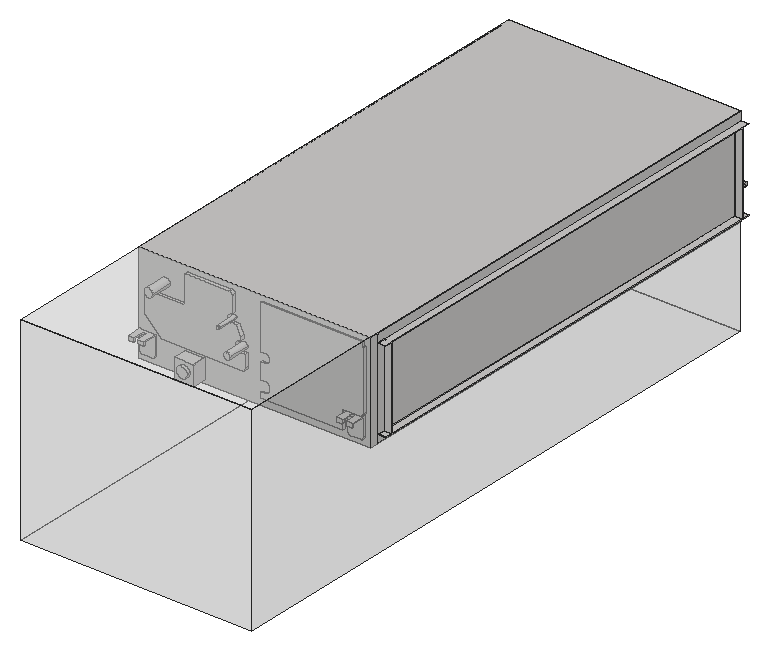
Revit family "outputfile", category 機械設備, Revit 2024
Family settings
  丸型コネクタ寸法 = 半径を使用
  パーツ タイプ = 標準
  OmniClass 番号 = 23.75.10.24.21.27.27
  OmniClass タイトル = Split System Air Conditioning Units
  作業面ベース = いいえ
  常に垂直 = はい
  ロード時にボイドで切り取り = いいえ
  注釈の向きを維持 = いいえ
  共有 = いいえ
  部屋計算ポイント = はい
Parameters (values of type "FXMQ200BFV24")
  Description = ""
  製造元 = "Daikin"
  書き出し IFC クラス(タイプ) = "IfcUnitaryEquipmentType"
  定義済み IFC タイプ(タイプ) = "AIRCONDITIONINGUNIT"
  Cost = 0
  モデル = "FXMQ200BFV24"
  Type Comments = ""
  Keynote = ""
  Type Image = (empty or 0)
  Assembly Code = ""
  w_dischargeflange = 1205.0 mm
  w_suctionflange = 1370.0 mm
  r_Liquid Pipe Size = Liquid Pipe Size / 2  # 4.75 mm
  r_Gas Pipe Size = Gas Pipe Size / 2  # 9.55 mm
  r_Drain Pipe Size = Drain Pipe Size / 2  # 12.5 mm
  lw_powersupply = 380.0 mm  # constant formula
  lw_mountinghole_pitch = 631.0 mm  # constant formula
  lw_mountinghole = 27.0 mm  # constant formula
  lw_maintenacesocket = 169.0 mm  # constant formula
  lw_liquidpipe = 290.0 mm  # constant formula
  lw_gaspipe = 318.0 mm  # constant formula
  lw_drainpipe = 80.0 mm  # constant formula
  lh_dischargeflange = 165.0 mm  # constant formula
  lh_powersupply = 56.0 mm  # constant formula
  lh_maintenacesocket = 40.0 mm  # constant formula
  lh_liquidpipe = 212.0 mm  # constant formula
  lh_gaspipe = 144.0 mm  # constant formula
  lh_drainpipe = 232.0 mm  # constant formula
  lh_suctionflange = 150.0 mm  # constant formula
  lh_antena = Height - lh_mountinghole + 1.0 mm  # 221.0 mm
  ld_dischargeflange = 635.0 mm
  ld_powersupply = Depth / 2  # 700.0 mm
  ld_mountinghole_pitch = 1438.0 mm
  ld_suctionflange = 713.0 mm
  h_dischargeflange = 265.0 mm  # constant formula
  lh_mountinghole = 80.0 mm  # constant formula
  h_mountinghole = [h***] + lh_mountinghole  # 80.0 mm
  h_suctionflange = 297.0 mm  # constant formula
  h*** = 0.0 mm  # constant formula
  d_dischargeflange = 25.0 mm  # constant formula
  d_pipe = 65.0 mm
  d_suctionflange = 25.0 mm  # constant formula
  Width = 700.0 mm
  Voltage_comment_50Hz = "220-240"
  Voltage_50Hz = 230 V
  Version = "ver.1.0"
  Unit Type = "Outdoor Air Processing Unit"
  Unit Mass Weight = 46.00 kg
  Unit Designation [instance] = ""
  Uniclass2015Version = "Products v1.30"
  Uniclass2015Title = "Variable refrigerant flow units"
  Uniclass2015Code = "Pr_70_65_03_94"
  URL = ""
  Total Cooling Capacity [instance] = 0.000 kW
  Supply Air Direction [instance] = yes
  Sound Pressure Level_M speed (dBA) = 35
  Sound Pressure Level_L speed (dBA) = 26
  Sound Pressure Level_H speed (dBA) = 42
  Sound Power Level_H speed (dB) = 0
  Series = "VRV Fan Coil Unit"
  Sensible Cooling Capacity [instance] = 0.000 kW
  SA Duct Size Width = 1160.0 mm
  SA Duct Size Height = 215.0 mm
  Refrigerant Type = "R410A"
  Power Input (Cooling) = 0.115 kW
  Phase_50Hz = 1
  Option Accessory 3 [instance] = ""
  Option Accessory 2 [instance] = ""
  Option Accessory 1 [instance] = ""
  OA Duct Size Width = 1325.0 mm
  OA Duct Size Height = 247.0 mm
  Nominal Cooling Capacity = 22.400 kW
  Minimum External Static Pressure = 50.00 Pa
  Minimum Circuit Amps_50Hz = 2.75 A
  Minimum Airflow = 870.00 m³/h
  Median Airflow = 1308.00 m³/h
  Maximum Fuse Amps_50Hz = 16.0 A
  Maximum External Static Pressure = 200.00 Pa
  Maximum Airflow = 1740.00 m³/h
  Material_Casing = DAIKIN_GalvanizedSteel_Casing_indoorunit
  Load Classification = HVAC
  Liquid Pipe Size = 9.5 mm
  Link_Nested Family [instance] = ""
  IfcVersion = "0"
  IfcExportType = "AIRCONDITIONINGUNIT"
  IfcExportAs = "IfcUnitaryEquipmentType"
  Height = 300.0 mm
  Heat Exchanger Type = "Cross Fin Coil"
  Gas Pipe Size = 19.1 mm
  Frequency_50Hz = 50 Hz
  Fan Type = "Sirocco Fan"
  Fan Drive = "Direct Drive"
  FCU Tag No. [instance] = ""
  Drain Pipe Size = 25.0 mm
  Design Supply Airflow [instance] = 0.00 m³/h
  Design Outdoor Airflow [instance] = 0.00 m³/h
  Design External Static Pressure [instance] = 0.00 Pa
  Depth = 1400.0 mm
  既定の高さ = 0.0 mm
  Cooling Entering Wet Bulb Temperature [instance] = 0.00 °C
  Cooling Entering Dry Bulb Temperature [instance] = 0.00 °C
  Cooling Ambient Wet Bulb Temperature [instance] = 0.00 °C
  Cooling Ambient Dry Bulb Temperature [instance] = 0.00 °C
  Clearance visibility [instance] = yes
  Clearance Top = 0.0 mm
  Clearance Right = 0.0 mm
  Clearance Rear = 0.0 mm
  Clearance Left = 0.0 mm
  Clearance Front = 450.0 mm
  Clearance Bottom = 300.0 mm
Reference planes
  plane 1 "Center (Front/Back)": y = 0
  plane 2: z = 0
  plane 3 "Center (Left/Right)": x = 0
  plane 4 "Back": y = 700
  plane 5 "Front": y = -700
  plane 6 "Left": x = -350
  plane 7 "Right": x = 350
  plane 8 "Top": z = 0
  plane 9 "Bottom": z = -300
  plane 10: y = 700
  plane 11: y = -1150
  plane 12: x = 350
  plane 13: x = -350
  plane 14: z = 0
  plane 15: z = -600
  plane 16: y = -706
  plane 17: y = -710
  plane 18: y = -741
  plane 19: y = -749
  plane 20: y = -765
  plane 21 "ld_drainpipe": x = -270
  plane 22 "ld_liquidpipe": x = -60
  plane 23 "ld_gaspipe": x = -32
  plane 24 "lh_gaspipe": z = -156
  plane 25 "lh_drainpipe": z = -68
  plane 26 "lh_liquidpipe": z = -88
  plane 27 "h_mountinghole": z = -220
  plane 28: x = -323
  plane 29: x = 308
  plane 30: y = 719
  plane 31: y = -719
  plane 32 "lh_powersuply": z = -244
  plane 33 "ld_powersupply": x = 30
  plane 34 "lh_suctionflange": z = -150
  plane 35 "ld_suctionflange": y = 13
  plane 36 "ld_dischargeflange": y = 65
  plane 37 "lh_dischargeflange": z = -135
  plane 38 "lh_maintenacesocket": z = -260
  plane 39 "lw_maintenacesocket": x = -181
Forms (mm)
  Extrusion 1, solid, material "DAIKIN_GalvanizedSteel_Casing_indoorunit" <- "Material_Casing"
    sketch origin (0, 0, 0) x (1, 0, 0) y (0, 0, 1)
      loop
        line (-350, 0) -> (-350, -300) -> (350, -300) -> (350, 0) -> (-350, 0)
    from -700 to 700
  Extrusion 2, solid, material "DAIKIN_GalvanizedSteel_Casing_indoorunit" <- "Material_Casing"
    sketch origin (0, 0, 0) x (1, 0, 0) y (0, 0, 1)
      loop
        line (23.104, -151.299) -> (41.1, -151.326)
        arc (41.1, -151.326) -> (46.767, -153.673) -> (49.114, -159.34) r 8.015
        line (49.114, -159.34) -> (49.104, -169.302)
        arc (49.104, -169.302) -> (46.761, -174.959) -> (41.104, -177.302) r 8
        line (41.104, -177.302) -> (23.104, -177.302) -> (23.104, -227.302) -> (41.104, -227.302)
        arc (41.104, -227.302) -> (46.761, -229.645) -> (49.104, -235.302) r 8
        line (49.104, -235.302) -> (49.104, -251.302)
        arc (49.104, -251.302) -> (46.761, -256.959) -> (41.104, -259.302) r 8
        line (41.104, -259.302) -> (23.104, -259.302) -> (23.104, -274.802) -> (271.104, -274.802) -> (271.104, -224.802)
        arc (271.104, -224.802) -> (272.568, -221.266) -> (276.104, -219.802) r 5
        line (276.104, -219.802) -> (327.104, -219.802)
        spline (327.104, -219.802) -> (327.496, -219.776) -> (327.88, -219.7) -> (328.252, -219.574) -> (328.604, -219.4) -> (328.93, -219.182) -> (329.225, -218.923) -> (329.484, -218.628) -> (329.702, -218.302) -> (329.876, -217.95) -> (330.002, -217.578) -> (330.078, -217.194) -> (330.104, -216.802)
        line (330.104, -216.802) -> (330.104, -213) -> (332, -213)
        arc (332, -213) -> (334.121, -212.121) -> (335, -210) r 3
        line (335, -210) -> (335, -32)
        arc (335, -32) -> (334.121, -29.879) -> (332, -29) r 3
        line (332, -29) -> (330.104, -29) -> (330.104, -15.8) -> (23.104, -15.8) -> (23.104, -151.299)
    from 700 to 706
  Extrusion 3, solid, material "DAIKIN_GalvanizedSteel_Casing_indoorunit" <- "Material_Casing"
    sketch origin (0, 0, 0) x (1, 0, 0) y (0, 0, 1)
      loop
        line (-70, -15.8) -> (-201, -15.8)
        arc (-201, -15.8) -> (-203.121, -16.679) -> (-204, -18.8) r 3
        line (-204, -18.8) -> (-204, -102) -> (-321, -102)
        arc (-321, -102) -> (-323.121, -102.879) -> (-324, -105) r 3
        line (-324, -105) -> (-324, -167.757)
        arc (-324, -167.757) -> (-323.772, -168.905) -> (-323.121, -169.879) r 3
        line (-323.121, -169.879) -> (-274.879, -218.121)
        arc (-274.879, -218.121) -> (-273.905, -218.772) -> (-272.757, -219) r 3
        line (-272.757, -219) -> (-30, -219)
        arc (-30, -219) -> (-22.929, -216.071) -> (-20, -209) r 10
        line (-20, -209) -> (-20, -172.5) -> (-26.169, -172.5)
        arc (-26.169, -172.5) -> (-49.051, -159.94) -> (-34, -138.615) r 17.5
        line (-34, -138.615) -> (-34, -127.5) -> (-47, -100.5) -> (-56.429, -100.5)
        arc (-56.429, -100.5) -> (-72.874, -89.803) -> (-60, -75) r 13
        line (-60, -75) -> (-60, -25.8)
        arc (-60, -25.8) -> (-62.929, -18.729) -> (-70, -15.8) r 10
    from 710 to 700
  Extrusion 4, solid, material "DAIKIN_GalvanizedSteel_Casing_indoorunit" <- "Material_Casing"
    sketch origin (0, 0, 0) x (1, 0, 0) y (0, 0, 1)
      loop
        line (-209.102, -232.7) -> (-209.102, -292.398) -> (-152.898, -292.398) -> (-152.898, -232.7)
        arc (-152.898, -232.7) -> (-153.133, -232.133) -> (-153.7, -231.898) r 0.802
        line (-153.7, -231.898) -> (-208.298, -231.898)
        arc (-208.298, -231.898) -> (-208.865, -232.133) -> (-209.102, -232.7) r 0.802
    from 700 to 741
  Extrusion 5, solid, material "DAIKIN_GalvanizedSteel_Casing_indoorunit" <- "Material_Casing"
    sketch origin (0, 0, 0) x (1, 0, 0) y (0, 0, 1)
      loop
        circle (-181, -260) r 16.5
    from 741 to 749
  Extrusion 6, solid, material "DAIKIN_GalvanizedSteel_Casing_indoorunit" <- "Material_Casing"
    sketch origin (0, 0, 0) x (1, 0, 0) y (0, 0, 1)
      loop
        circle (-270, -68) r 12.5
      loop
        circle (-60, -88) r 4.75
      loop
        circle (-32, -156) r 9.55
    from 700 to 765
Dimensions and locks
  "Height": plane 8 "Top" to plane 9 "Bottom"
  equal spacing: plane 6 "Left", plane 3 "Center (Left/Right)", plane 7 "Right", locked at 350 each
  "Width": plane 6 "Left" to plane 7 "Right"
  equal spacing: plane 4 "Back", plane 1 "Center (Front/Back)", plane 5 "Front"
  "Depth": plane 4 "Back" to plane 5 "Front"
  "Clearance Left": plane 13 to plane 6 "Left"
  "Clearance Right": plane 7 "Right" to plane 12
  "Clearance Rear": plane 10 to plane 4 "Back"
  "Clearance Front": plane 5 "Front" to plane 11
  "Clearance Top": plane 14 to plane 8 "Top"
  "Clearance Bottom": plane 9 "Bottom" to plane 15
  Extrusion 2 sketch curve to Extrusion 2 sketch curve to Extrusion 2 sketch curve = 307.0 mm locked, 4.896 mm locked
  Extrusion 2 sketch curve to Extrusion 2 sketch curve to Extrusion 2 sketch curve to Extrusion 2 sketch curve to Extrusion 2 sketch curve = 26.0 mm locked, 222.0 mm locked, 59.0 mm locked, 4.896 mm locked
  locked: Extrusion 2 sketch curve to Extrusion 2 sketch curve at 26.01
  locked: Extrusion 2 sketch curve to nested 1 at 23.104
  locked: Extrusion 2 sketch curve to plane 3 "Center (Left/Right)" at 23.104
  plane 3 "Center (Left/Right)" to Extrusion 2 sketch curve = 23.104 mm
  Extrusion 2 sketch curve to Extrusion 2 sketch curve to Extrusion 2 sketch curve to Extrusion 2 sketch curve to Extrusion 2 sketch curve = 161.502 mm locked, 50.0 mm locked, 32.0 mm locked, 15.5 mm locked
  locked: Extrusion 2 sketch curve to Extrusion 2 sketch curve at 68.127
  locked: Extrusion 2 sketch curve to Extrusion 2 sketch curve at 13.2
  locked: Extrusion 2 sketch curve to Extrusion 2 sketch curve at 6.802
  locked: Extrusion 2 sketch curve to Extrusion 2 sketch curve at 55
  locked: plane 5 "Front" to plane 16 at 6
  locked: plane 5 "Front" to plane 17 at 10
  locked: plane 5 "Front" to plane 18 at 41
  "d_pipe": plane 5 "Front" to plane 20
  "lw_drainpipe": plane 6 "Left" to plane 21 "ld_drainpipe"
  "lw_liquidpipe": plane 6 "Left" to plane 22 "ld_liquidpipe"
  "lw_gaspipe": plane 6 "Left" to plane 23 "ld_gaspipe"
  "lh_gaspipe": plane 24 "lh_gaspipe" to plane 9 "Bottom"
  "lh_liquidpipe": plane 26 "lh_liquidpipe" to plane 9 "Bottom"
  "lh_drainpipe": plane 25 "lh_drainpipe" to plane 9 "Bottom"
  "lh_mountinghole": plane 27 "h_mountinghole" to plane 9 "Bottom"
  "lw_mountinghole": plane 6 "Left" to plane 28
  "lw_mountinghole_pitch": plane 28 to plane 29
  equal spacing: plane 30, plane 1 "Center (Front/Back)", plane 31
  "ld_mountinghole_pitch": plane 30 to plane 31
  locked: Extrusion 3 sketch curve to plane 6 "Left" at 146
  locked: Extrusion 3 sketch curve to plane 6 "Left" at 290
  locked: plane 6 "Left" to Extrusion 3 sketch curve at 26
  locked: Extrusion 3 sketch curve to plane 6 "Left" at 316
  locked: Extrusion 3 sketch curve to plane 6 "Left" at 330
  locked: Extrusion 3 sketch curve to plane 9 "Bottom" at 81
  locked: Extrusion 3 sketch curve to plane 9 "Bottom" at 284.2
  locked: Extrusion 3 sketch curve to plane 9 "Bottom" at 199.5
  locked: Extrusion 3 sketch curve to plane 9 "Bottom" at 127.5
  locked: Extrusion 3 sketch curve to plane 9 "Bottom" at 198
  "lh_powersupply": plane 32 "lh_powersuply" to plane 9 "Bottom"
  "lw_powersupply": plane 6 "Left" to plane 33 "ld_powersupply"
  "lh_suctionflange": plane 34 "lh_suctionflange" to plane 9 "Bottom"
  "ld_suctionflange": plane 35 "ld_suctionflange" to plane 5 "Front"
  "ld_dischargeflange": plane 4 "Back" to plane 36 "ld_dischargeflange"
  "lh_dischargeflange": plane 37 "lh_dischargeflange" to plane 9 "Bottom"
  locked: plane 5 "Front" to plane 19 at 49
  "lh_maintenacesocket": plane 38 "lh_maintenacesocket" to plane 9 "Bottom"
  "lw_maintenacesocket": plane 6 "Left" to plane 39 "lw_maintenacesocket"
  equal spacing: Extrusion 4 sketch curve, plane 39 "lw_maintenacesocket", Extrusion 4 sketch curve
  locked: Extrusion 4 sketch curve to Extrusion 4 sketch curve at 56.204
  Extrusion 4 sketch curve to plane 38 "lh_maintenacesocket" to Extrusion 4 sketch curve = 28.102 mm locked, 32.398 mm locked
  "r_Drain Pipe Size": radius of Extrusion 6 sketch curve
  "r_Liquid Pipe Size": radius of Extrusion 6 sketch curve
  "r_Gas Pipe Size": radius of Extrusion 6 sketch curve
  aligned and locked: level to plane 2
  aligned and locked: Extrusion 1 sketch curve to plane 8 "Top"
  aligned and locked: plane 6 "Left" to Extrusion 1 sketch curve
  aligned and locked: plane 9 "Bottom" to Extrusion 1 sketch curve
  aligned and locked: Extrusion 1 sketch curve to plane 7 "Right"
  aligned and locked: plane 4 "Back" to Extrusion 1
  aligned and locked: Extrusion 1 to plane 5 "Front"
  aligned and locked: plane 10 to nested 1
  aligned and locked: plane 11 to nested 1
  aligned and locked: plane 12 to nested 1
  aligned and locked: nested 1 to plane 13
  aligned and locked: plane 15 to nested 1
  aligned and locked: plane 14 to nested 1
  aligned and locked: Extrusion 2 to plane 16
  aligned and locked: plane 5 "Front" to Extrusion 2
  aligned and locked: Extrusion 4 to plane 18
  aligned and locked: plane 5 "Front" to Extrusion 4
  aligned and locked: Extrusion 5 to plane 19
  aligned and locked: plane 18 to Extrusion 5
  aligned and locked: plane 25 "lh_drainpipe" to Extrusion 6 sketch curve
  aligned and locked: plane 21 "ld_drainpipe" to Extrusion 6 sketch curve
  aligned and locked: plane 26 "lh_liquidpipe" to Extrusion 6 sketch curve
  aligned and locked: plane 22 "ld_liquidpipe" to Extrusion 6 sketch curve
  aligned and locked: plane 23 "ld_gaspipe" to Extrusion 6 sketch curve
  aligned and locked: plane 24 "lh_gaspipe" to Extrusion 6 sketch curve
  aligned and locked: Extrusion 6 to plane 20
  aligned and locked: plane 5 "Front" to Extrusion 6
  aligned and locked: nested 2 to plane 5 "Front"
  aligned and locked: nested 2 to plane 21 "ld_drainpipe"
  aligned and locked: plane 25 "lh_drainpipe" to nested 2
  aligned and locked: nested 3 to plane 5 "Front"
  aligned and locked: nested 4 to plane 5 "Front"
  aligned and locked: plane 26 "lh_liquidpipe" to nested 3
  aligned and locked: plane 24 "lh_gaspipe" to nested 4
  aligned and locked: plane 29 to nested 5
  aligned and locked: plane 4 "Back" to nested 5
  aligned and locked: plane 27 "h_mountinghole" to nested 5
  aligned and locked: plane 28 to nested 6
  aligned and locked: plane 4 "Back" to nested 6
  aligned and locked: plane 27 "h_mountinghole" to nested 6
  aligned and locked: nested 7 to plane 29
  aligned and locked: plane 5 "Front" to nested 7
  aligned and locked: plane 5 "Front" to nested 8
  aligned and locked: nested 8 to plane 28
  aligned and locked: nested 7 to plane 27 "h_mountinghole"
  aligned and locked: nested 8 to plane 27 "h_mountinghole"
  aligned and locked: Extrusion 3 to plane 17
  aligned and locked: plane 5 "Front" to Extrusion 3
  aligned and locked: nested 11 to plane 28
  aligned and locked: nested 11 to plane 30
  aligned and locked: nested 12 to plane 29
  aligned and locked: nested 12 to plane 30
  aligned and locked: nested 9 to plane 29
  aligned and locked: plane 31 to nested 9
  aligned and locked: nested 10 to plane 28
  aligned and locked: plane 31 to nested 10
  aligned and locked: nested 13 to plane 32 "lh_powersuply"
  aligned and locked: plane 1 "Center (Front/Back)" to nested 14
  aligned and locked: nested 14 to plane 3 "Center (Left/Right)"
  aligned and locked: plane 34 "lh_suctionflange" to nested 15
  aligned and locked: plane 7 "Right" to nested 15
  aligned and locked: plane 35 "ld_suctionflange" to nested 15
  aligned and locked: nested 16 to plane 36 "ld_dischargeflange"
  aligned and locked: nested 16 to plane 6 "Left"
  aligned and locked: plane 37 "lh_dischargeflange" to nested 16
  aligned and locked: nested 17 to plane 6 "Left"
  aligned and locked: nested 17 to plane 36 "ld_dischargeflange"
  aligned and locked: plane 7 "Right" to nested 18
  aligned and locked: plane 35 "ld_suctionflange" to nested 18
  aligned and locked: nested 18 to plane 34 "lh_suctionflange"
  aligned and locked: nested 17 to plane 37 "lh_dischargeflange"
  aligned and locked: plane 38 "lh_maintenacesocket" to Extrusion 5 sketch curve
  aligned and locked: plane 39 "lw_maintenacesocket" to Extrusion 5 sketch curve
  aligned and locked: nested 3 to plane 22 "ld_liquidpipe"
  aligned and locked: nested 4 to plane 23 "ld_gaspipe"
  aligned and locked: nested 13 to plane 33 "ld_powersupply"
  aligned and locked: level to plane 8 "Top"
Automatic sketch dimensions
  Extrusion 2 sketch curve to Extrusion 2 sketch curve = 0.027 mm
  Extrusion 2 sketch curve to Extrusion 2 sketch curve = 8.015 mm
  Extrusion 2 sketch curve to Extrusion 2 sketch curve = 8.01 mm
  Extrusion 2 sketch curve to Extrusion 2 sketch curve = 0.0 mm  (x4)
  Extrusion 2 sketch curve to Extrusion 2 sketch curve = 8.0 mm  (x3)
  Extrusion 2 sketch curve to Extrusion 2 sketch curve = 5.0 mm
  Extrusion 2 sketch curve to Extrusion 2 sketch curve = 3.0 mm  (x2)
  Extrusion 2 sketch curve to Extrusion 2 sketch curve = 1.896 mm  (x2)
  Extrusion 2 sketch curve to plane 8 "Top" = 15.8 mm
  Extrusion 4 sketch curve to Extrusion 4 sketch curve = 0.804 mm
  Extrusion 4 sketch curve to Extrusion 4 sketch curve = 0.802 mm  (x2)
  Extrusion 4 sketch curve to Extrusion 4 sketch curve = 0.0 mm
  plane 23 "ld_gaspipe" to Extrusion 3 sketch curve = 0.0 mm
  Extrusion 3 sketch curve to plane 24 "lh_gaspipe" = 0.0 mm
  Extrusion 3 sketch curve to plane 26 "lh_liquidpipe" = 0.0 mm
  plane 28 to Extrusion 3 sketch curve = 0.121 mm
  Extrusion 3 sketch curve to plane 28 = 2.0 mm  (x2)
  plane 21 "ld_drainpipe" to Extrusion 3 sketch curve = 4.879 mm
  plane 21 "ld_drainpipe" to Extrusion 3 sketch curve = 2.757 mm
  Extrusion 3 sketch curve to Extrusion 3 sketch curve = 3.0 mm  (x2)
  plane 22 "ld_liquidpipe" to Extrusion 3 sketch curve = 10.0 mm
  Extrusion 3 sketch curve to plane 22 "ld_liquidpipe" = 3.571 mm
  Extrusion 3 sketch curve to Extrusion 3 sketch curve = 9.429 mm
  Extrusion 3 sketch curve to plane 23 "ld_gaspipe" = 2.0 mm
  Extrusion 3 sketch curve to plane 23 "ld_gaspipe" = 5.831 mm
  Extrusion 3 sketch curve to plane 24 "lh_gaspipe" = 11.757 mm
  Extrusion 3 sketch curve to Extrusion 3 sketch curve = 11.115 mm
  radius of Extrusion 5 sketch curve = 16.5 mm
Nested families
  nested 1: "daikin_clearancespace" at (0, -225, -299.881), visible <- "Clearance visibility", show <- "Clearance visibility", Link_Nested Family <- "Link_Nested Family", type "daikin_clearancespace"
    with width 700.0 mm, show yes, height 600.0 mm, depth 1850.0 mm, Link_Nested Family ""
  nested 2: "daikin_connector_rotate2" at (-270, -700, -68), length <- "d_pipe", radius <- "r_Drain Pipe Size", type "daikin_connector_rotate2"
    with radius 12.5 mm, length 65.0 mm, angle_vertical 90.00°, show_face no
  nested 3: "daikin_connector_rotate2" at (-60, -700, -88), length <- "d_pipe", radius <- "r_Liquid Pipe Size", type "daikin_connector_rotate2"
    with radius 4.75 mm, length 65.0 mm, angle_vertical 90.00°, show_face no
  nested 4: "daikin_connector_rotate2" at (-32, -700, -156), length <- "d_pipe", radius <- "r_Gas Pipe Size", type "daikin_connector_rotate2"
    with radius 9.55 mm, length 65.0 mm, angle_vertical 90.00°, show_face no
  nested 5: "daikin_hangerfixture_FXMQ-BFV24" at (308, 700, -220) x (-1, 0, 0) z (0, 0, 1), type "daikin_hangerfixture_FXMQ-BFV24"
  nested 6: "daikin_hangerfixture_FXMQ-BFV24" at (-323, 700, -220) x (-1, 0, 0) z (0, 0, 1), type "daikin_hangerfixture_FXMQ-BFV24"
  nested 7: "daikin_hangerfixture_FXMQ-BFV24" at (308, -700, -220) x (-1, 0, 0) z (0, 0, 1), type "daikin_hangerfixture_FXMQ-BFV24"
  nested 8: "daikin_hangerfixture_FXMQ-BFV24" at (-323, -700, -220) x (-1, 0, 0) z (0, 0, 1), type "daikin_hangerfixture_FXMQ-BFV24"
  nested 9: "daikin_mountinghole" at (308, -719, -300), Link_Nested Family <- "Link_Nested Family", l_antenna <- "lh_antena", h_mountinghole <- "h_mountinghole", type "daikin_mountinghole"
    with show yes, l_antenna 221.0 mm, h_mountinghole 80.0 mm, Link_Nested Family ""
  nested 10: "daikin_mountinghole" at (-323, -719, -300), Link_Nested Family <- "Link_Nested Family", l_antenna <- "lh_antena", h_mountinghole <- "h_mountinghole", type "daikin_mountinghole"
    with show yes, l_antenna 221.0 mm, h_mountinghole 80.0 mm, Link_Nested Family ""
  nested 11: "daikin_mountinghole" at (-323, 719, -300), Link_Nested Family <- "Link_Nested Family", l_antenna <- "lh_antena", h_mountinghole <- "h_mountinghole", type "daikin_mountinghole"
    with show yes, l_antenna 221.0 mm, h_mountinghole 80.0 mm, Link_Nested Family ""
  nested 12: "daikin_mountinghole" at (308, 719, -300), Link_Nested Family <- "Link_Nested Family", l_antenna <- "lh_antena", h_mountinghole <- "h_mountinghole", type "daikin_mountinghole"
    with show yes, l_antenna 221.0 mm, h_mountinghole 80.0 mm, Link_Nested Family ""
  nested 13: "daikin_connector_rotate2" at (30, 0, -244), length <- "ld_powersupply", type "daikin_connector_rotate2"
    with radius 10.0 mm, length 700.0 mm, angle_vertical 90.00°, show_face no
  nested 14: "daikin_△_symbolicline" at (0, 0, 300) x (0, -1, 0) z (0, 0, 1), visible <- "Supply Air Direction", built-in parameter 1001364 <- "Height", type "daikin_△_symbolicline"
    with length 300.0 mm
  nested 15: "daikin_ductflange_FXMQ-BFV24" at (350, 13, -298.5) x (0, 1, 0) z (0, 0, 1), depth <- "d_suctionflange", height <- "h_suctionflange", width <- "w_suctionflange", material <- "Material_Casing", type "daikin_ductflange_FXMQ-BFV24"
    with width 1370.0 mm, top1 25.0 mm, right1 22.5 mm, material DAIKIN_GalvanizedSteel_Casing_indoorunit, left1 22.5 mm, height 297.0 mm, depth 25.0 mm, Bottom1 25.0 mm
  nested 16: "daikin_ductflange_FXMQ-BFV24" at (-350, 65, -267.5) x (0, -1, 0) z (0, 0, 1), material <- "Material_Casing", depth <- "d_dischargeflange", height <- "h_dischargeflange", width <- "w_dischargeflange", type "daikin_ductflange_FXMQ-BFV24"
    with width 1205.0 mm, top1 25.0 mm, right1 22.5 mm, material DAIKIN_GalvanizedSteel_Casing_indoorunit, left1 22.5 mm, height 265.0 mm, depth 25.0 mm, Bottom1 25.0 mm
  nested 17: "daikin_connector_rotate2" at (-350, 65, -135) x (0, -1, 0) z (0, 0, 1), length <- "d_dischargeflange", type "daikin_connector_rotate2"
    with radius 10.0 mm, length 25.0 mm, angle_vertical 90.00°, show_face no
  nested 18: "daikin_connector_rotate2" at (350, 13, -150) x (0, 1, 0) z (0, 0, 1), length <- "d_suctionflange", type "daikin_connector_rotate2"
    with radius 10.0 mm, length 25.0 mm, angle_vertical 90.00°, show_face no
Connectors
  piping at (-270, -765, -68), diameter 25, driven by "r_Drain Pipe Size"
    settings: on nested 2, index 1, connector inside diameter 609.6 mm, connector length 0.0 mm, flow factor 0, pipe flow 0.00 m³/h, pressure drop 0.0 Pa, fitting loss kfactor 0, connector angle 0.00°, fixture units 0, engagement length 0.0 mm, angle of deflection 0.00°, flow configuration 1, flow direction 2, fitting loss method 4, system type 16, joint type 0, gender type 0, connector reference index -1, connector utility 0, adjustable connector no, is connector primary yes, connector description "Condensate Drain Piping"
  piping at (-60, -765, -88), diameter 9.5, driven by "r_Liquid Pipe Size"
    settings: on nested 3, index 2, connector inside diameter 609.6 mm, connector length 0.0 mm, flow factor 0, pipe flow 0.00 m³/h, pressure drop 0.0 Pa, fitting loss kfactor 0, connector angle 0.00°, fixture units 0, engagement length 0.0 mm, angle of deflection 0.00°, flow configuration 1, flow direction 1, fitting loss method 0, system type 29, joint type 0, gender type 0, connector reference index -1, connector utility 0, adjustable connector no, is connector primary no, connector description "Refrigerant Liquid Piping"
  piping at (-32, -765, -156), diameter 19.1, driven by "r_Gas Pipe Size"
    settings: on nested 4, index 3, connector inside diameter 609.6 mm, connector length 0.0 mm, flow factor 0, pipe flow 0.00 m³/h, pressure drop 0.0 Pa, fitting loss kfactor 0, connector angle 0.00°, fixture units 0, engagement length 0.0 mm, angle of deflection 0.00°, flow configuration 1, flow direction 2, fitting loss method 0, system type 29, joint type 0, gender type 0, connector reference index -1, connector utility 0, adjustable connector no, is connector primary no, connector description "Refrigerant Gas Piping"
  electrical at (30, -700, -244), driven by "Load Classification"
    settings: on nested 13, index 4, voltage 0 V, apparent load 0 VA, apparent load phase1 0 VA, apparent load phase2 0 VA, apparent load phase3 0 VA, power factor 1, load classification "HVAC", number of poles 1, system type 30, power factor state 1, is connector primary yes, connector utility no, sub classification motor no, connector description "Power Supply"
  hvac at (375, 13, -150), driven by "OA Duct Size Height", driven by "OA Duct Size Width"
    settings: on nested 15, index 5, duct flow 0.00 m³/h, flow factor 0, pres drop 0.00 Pa, loss coef 0, conn angle 0.00°, conn width 1325.0 mm, conn height 247.0 mm, conn diameter 609.6 mm, duct sys type 1, conn prof type 1, flow config 0, flow direction 1, loss method 4, conn ref index -1, conn util no, is conn primary no, conn desc "OA Duct"
  hvac at (-375, 65, -135), driven by "SA Duct Size Height", driven by "SA Duct Size Width"
    settings: on nested 16, index 6, duct flow 0.00 m³/h, flow factor 0, pres drop 0.00 Pa, loss coef 0, conn angle 0.00°, conn width 1160.0 mm, conn height 215.0 mm, conn diameter 609.6 mm, duct sys type 1, conn prof type 1, flow config 0, flow direction 2, loss method 4, conn ref index -1, conn util no, is conn primary yes, conn desc "SA Duct"
Definition of nested family "daikin_clearancespace"
  Parameters (values of type "daikin_clearancespace")
    width [instance] = 1823.963 mm
    show [instance] = yes
    material = none
    height [instance] = 1359.762 mm
    depth [instance] = 880.0 mm
    Default Elevation = 0.0 mm
    Link_Nested Family [instance] = ""
  Reference planes
    plane 1 "Center (Front/Back)": y = 0
    plane 2 "Center (Elevation)": z = -0.119
    plane 3 "Center (Left/Right)": x = 0
    plane 4: y = 440
    plane 5: y = -440
    plane 6 "Right": x = 911.982
    plane 7 "Left": x = -911.982
    plane 8 "Top": z = 679.762
    plane 9 "Bottom": z = -680
  Forms (mm)
    Extrusion 1, solid, material <- "material", visible <- "show"
      sketch origin (0, 0, 0) x (1, 0, 0) y (0, 1, 0)
        loop
          line (-911.982, 440) -> (-911.982, -440) -> (911.982, -440) -> (911.982, 440) -> (-911.982, 440)
      from -680 to 679.762
  Lines and regions (mm)
    symbolic lines, visible <- "show"
      curve 1: line (911.982, 440, 0) -> (-911.982, 440, 0)
      curve 2: line (-911.982, 440, 0) -> (-911.982, -440, 0)
      curve 3: line (-911.982, -440, 0) -> (911.982, -440, 0)
      curve 4: line (911.982, -440, 0) -> (911.982, 440, 0)
      curve 5: line (911.982, 0, 679.762) -> (-911.982, 0, 679.762)
      curve 6: line (911.982, 0, -680) -> (911.982, 0, 679.762)
      curve 7: line (-911.982, 0, -680) -> (911.982, 0, -680)
      curve 8: line (-911.982, 0, 679.762) -> (-911.982, 0, -680)
      curve 9: line (0, 440, 679.762) -> (0, -440, 679.762)
      curve 10: line (0, -440, 679.762) -> (0, -440, -680)
      curve 11: line (0, 440, -680) -> (0, 440, 679.762)
      curve 12: line (0, -440, -680) -> (0, 440, -680)
  Dimensions and locks
    "width": plane 7 "Left" to plane 6 "Right"
    "depth": plane 4 to plane 5
    "height": plane 8 "Top" to plane 9 "Bottom"
    equal spacing: plane 7 "Left", plane 3 "Center (Left/Right)", plane 6 "Right"
    equal spacing: plane 4, plane 1 "Center (Front/Back)", plane 5
    equal spacing: plane 8 "Top", plane 2 "Center (Elevation)", plane 9 "Bottom"
    aligned and locked: level to plane 2 "Center (Elevation)"
    aligned and locked: Extrusion 1 sketch curve to plane 4
    aligned and locked: plane 7 "Left" to Extrusion 1 sketch curve
    aligned and locked: Extrusion 1 sketch curve to plane 5
    aligned and locked: Extrusion 1 sketch curve to plane 6 "Right"
    aligned and locked: plane 8 "Top" to Extrusion 1
    aligned and locked: curve 1 to Extrusion 1
    aligned and locked: curve 2 to Extrusion 1
    aligned and locked: curve 3 to Extrusion 1
    aligned and locked: curve 4 to Extrusion 1
    aligned and locked: curve 5 to Extrusion 1
    aligned and locked: curve 6 to Extrusion 1
    aligned and locked: curve 7 to Extrusion 1
    aligned and locked: curve 8 to Extrusion 1
    aligned and locked: curve 9 to Extrusion 1
    aligned and locked: curve 10 to Extrusion 1
    aligned and locked: curve 11 to Extrusion 1
    aligned and locked: curve 12 to Extrusion 1
    aligned and locked: Extrusion 1 to plane 9 "Bottom"
Definition of nested family "daikin_hangerfixture_FXMQ-BFV24"
  Parameters (values of type "daikin_hangerfixture_CeilingMountedDuct")
    width = 48.0 mm
    material = none
    height = 65.0 mm
    depth = 45.0 mm
    Default Elevation = 0.0 mm
  Reference planes
    plane 1 "Center (Front/Back)": y = 0
    plane 2: z = 0
    plane 3 "Center (Left/Right)": x = 0
    plane 4: y = 417.146
    plane 5: y = -45
    plane 6: x = -24
    plane 7: x = 24
    plane 8: z = -2.3
    plane 9: z = -65
    plane 10: y = -2.3
    plane 11: z = -12
    plane 12: y = -42.7
  Forms (mm)
    Extrusion 1, solid, material <- "material"
      sketch origin (0, 0, 0) x (1, 0, 0) y (0, 1, 0)
        loop
          line (24, 0) -> (-24, 0) -> (-24, -45) -> (-6, -45) -> (-6, -19)
          arc (-6, -19) -> (0, -13) -> (6, -19) r 6
          line (6, -19) -> (6, -45) -> (24, -45) -> (24, 0)
      from 0 to -2.3
    Extrusion 2, solid, material <- "material"
      sketch origin (0, 0, 0) x (1, 0, 0) y (0, 0, 1)
        loop
          line (24, -55) -> (24, 0) -> (-24, 0) -> (-24, -55)
          arc (-24, -55) -> (-21.071, -62.071) -> (-14, -65) r 10
          line (-14, -65) -> (14, -65)
          arc (14, -65) -> (21.071, -62.071) -> (24, -55) r 10
      from 0 to 2.3
    Extrusion 3, solid, material <- "material"
      sketch origin (0, 0, 0) x (1, 0, 0) y (0, 0, 1)
        loop
          line (-6, -9) -> (-6, 0) -> (-24, 0) -> (-24, -9)
          arc (-24, -9) -> (-23.121, -11.121) -> (-21, -12) r 3
          line (-21, -12) -> (-9, -12)
          arc (-9, -12) -> (-6.879, -11.121) -> (-6, -9) r 3
        loop
          line (6, 0) -> (6, -9)
          arc (6, -9) -> (6.879, -11.121) -> (9, -12) r 3
          line (9, -12) -> (21, -12)
          arc (21, -12) -> (23.121, -11.121) -> (24, -9) r 3
          line (24, -9) -> (24, 0) -> (6, 0)
      from 42.7 to 45
  Cuts and joins
    joined: Extrusion 1, Extrusion 2, Extrusion 3
  Dimensions and locks
    "width": plane 6 to plane 7
    "depth": plane 5 to plane 1 "Center (Front/Back)"
    plane 2 to plane 8 = 2.3 mm
    "height": plane 2 to plane 9
    locked: plane 10 to plane 1 "Center (Front/Back)" at 2.3
    locked: plane 2 to plane 11 at 12
    locked: plane 12 to plane 5 at 2.3
    aligned and locked: level to plane 2
    aligned and locked: Extrusion 1 sketch curve to plane 1 "Center (Front/Back)"
    aligned and locked: plane 7 to Extrusion 1
    aligned and locked: Extrusion 1 to plane 6
    aligned and locked: Extrusion 1 to plane 5  (x2)
    aligned and locked: Extrusion 1 to plane 8
    aligned and locked: plane 2 to Extrusion 1
    aligned and locked: plane 2 to Extrusion 2 sketch curve
    aligned and locked: Extrusion 2 to plane 9
    aligned and locked: Extrusion 2 to plane 10
    aligned and locked: Extrusion 2 to plane 1 "Center (Front/Back)"
    aligned and locked: plane 2 to Extrusion 3 sketch curve  (x2)
    aligned and locked: Extrusion 3 to plane 11  (x2)
    aligned and locked: plane 12 to Extrusion 3
    aligned and locked: Extrusion 3 to plane 5
  Automatic sketch dimensions
    Extrusion 1 sketch curve to plane 6 = 0.0 mm
    Extrusion 1 sketch curve to plane 5 = 0.0 mm  (x2)
    Extrusion 1 sketch curve to plane 3 "Center (Left/Right)" = 0.0 mm
    Extrusion 1 sketch curve to plane 7 = 0.0 mm
    Extrusion 1 sketch curve to plane 3 "Center (Left/Right)" = 6.0 mm
    plane 1 "Center (Front/Back)" to Extrusion 1 sketch curve = 19.0 mm
    Extrusion 2 sketch curve to plane 7 = 0.0 mm
    Extrusion 2 sketch curve to plane 7 = 10.0 mm
    Extrusion 2 sketch curve to plane 8 = 52.7 mm
    plane 6 to Extrusion 2 sketch curve = 10.0 mm
    Extrusion 2 sketch curve to plane 6 = 0.0 mm
    Extrusion 3 sketch curve to plane 6 = 0.0 mm
    Extrusion 3 sketch curve to plane 7 = 0.0 mm
    Extrusion 3 sketch curve to Extrusion 3 sketch curve = 3.0 mm  (x2)
    Extrusion 3 sketch curve to plane 8 = 6.7 mm
    Extrusion 3 sketch curve to plane 3 "Center (Left/Right)" = 9.0 mm
    Extrusion 3 sketch curve to plane 3 "Center (Left/Right)" = 6.0 mm
    plane 3 "Center (Left/Right)" to Extrusion 3 sketch curve = 6.0 mm
    Extrusion 3 sketch curve to plane 7 = 3.0 mm
    Extrusion 3 sketch curve to plane 8 = 9.7 mm
Definition of nested family "daikin_ductflange_FXMQ-BFV24"
  Parameters (values of type "daikin_ductflange_CeilingMountedDuct")
    width [instance] = 670.0 mm
    right1 [instance] = 22.5 mm
    left1 [instance] = 22.5 mm
    Bottom1 [instance] = 25.0 mm
    material [instance] = none
    height [instance] = 272.0 mm
    depth [instance] = 25.0 mm
    top1 [instance] = 25.0 mm
    Default Elevation = 0.0 mm
  Reference planes
    plane 1 "Center (Front/Back)": y = 0
    plane 2: z = 0
    plane 3 "Center (Left/Right)": x = 0
    plane 4: y = -25
    plane 5: x = -335
    plane 6: x = 335
    plane 7 "Top": z = 272
    plane 8: y = -1
    plane 9: x = -312.5
    plane 10: x = 312.5
    plane 11: z = 247
    plane 12: z = 25
    plane 13 "Center (Elevation)": z = 136
  Forms (mm)
    Extrusion 1, solid, material <- "material"
      sketch origin (0, 0, 0) x (1, 0, 0) y (0, 0, 1)
        loop
          line (-335, 272) -> (-335, 0) -> (335, 0) -> (335, 272) -> (-335, 272)
        loop
          line (-312.5, 247) -> (-312.5, 25) -> (312.5, 25) -> (312.5, 247) -> (-312.5, 247)
      from 0 to 1
    Extrusion 2, solid, material <- "material"
      sketch origin (0, 0, 0) x (1, 0, 0) y (0, 1, 0)
        loop
          line (-312.5, -1) -> (-313.496, -1) -> (-313.496, -25) -> (-312.5, -25) -> (-312.5, -1)
        loop
          line (312.5, -1) -> (312.5, -25) -> (313.496, -25) -> (313.496, -1) -> (312.5, -1)
      from 25 to 247
    Extrusion 3, solid, material <- "material"
      sketch origin (0, 0, 0) x (0, 1, 0) y (0, 0, 1)
        loop
          line (-1, 247) -> (-1, 247.958) -> (-25, 247.958) -> (-25, 247) -> (-1, 247)
        loop
          line (-1, 25) -> (-25, 25) -> (-25, 24.042) -> (-1, 24.042) -> (-1, 25)
      from -335 to 335
  Cuts and joins
    joined: Extrusion 1, Extrusion 2, Extrusion 3
  Dimensions and locks
    "height": plane 7 "Top" to plane 2
    "width": plane 5 to plane 6
    equal spacing: plane 5, plane 3 "Center (Left/Right)", plane 6
    "depth": plane 1 "Center (Front/Back)" to plane 4
    locked: plane 8 to plane 1 "Center (Front/Back)" at 1
    "left1": plane 5 to plane 9
    "right1": plane 10 to plane 6
    locked: Extrusion 2 sketch curve to Extrusion 2 sketch curve at 0.996  (x2)
    "top1": plane 7 "Top" to plane 11
    "Bottom1": plane 12 to plane 2
    equal spacing: plane 7 "Top", plane 13 "Center (Elevation)", plane 2
    locked: Extrusion 3 sketch curve to Extrusion 2 at 0.958  (x2)
    aligned and locked: level to plane 2
    aligned and locked: Extrusion 1 sketch curve to plane 7 "Top"
    aligned and locked: plane 5 to Extrusion 1 sketch curve
    aligned and locked: Extrusion 1 sketch curve to plane 6
    aligned and locked: plane 2 to Extrusion 1 sketch curve
    aligned and locked: Extrusion 1 to plane 8
    aligned and locked: Extrusion 2 sketch curve to plane 8
    aligned and locked: Extrusion 2 sketch curve to plane 9
    aligned and locked: plane 8 to Extrusion 2 sketch curve
    aligned and locked: Extrusion 2 sketch curve to plane 10
    aligned and locked: plane 11 to Extrusion 2
    aligned and locked: Extrusion 2 to plane 12
    aligned and locked: plane 8 to Extrusion 3 sketch curve
    aligned and locked: Extrusion 3 sketch curve to plane 11
    aligned and locked: Extrusion 3 sketch curve to plane 8
    aligned and locked: Extrusion 3 sketch curve to plane 12
    aligned and locked: Extrusion 3 to plane 5
    aligned and locked: plane 6 to Extrusion 3
    aligned and locked: plane 4 to Extrusion 2 sketch curve
    aligned and locked: Extrusion 2 sketch curve to plane 4
    aligned and locked: plane 4 to Extrusion 3 sketch curve
    aligned and locked: Extrusion 3 sketch curve to plane 4
    aligned and locked: plane 9 to Extrusion 1 sketch curve
    aligned and locked: Extrusion 1 sketch curve to plane 10
    aligned and locked: plane 12 to Extrusion 1 sketch curve
    aligned and locked: Extrusion 1 sketch curve to plane 11
Definition of nested family "daikin_connector_rotate2"
  Parameters (values of type "daikin_connector_rotate2")
    show_face = yes
    radius [instance] = 10.0 mm
    length [instance] = 600.0 mm
    d_surface = 10.0 mm
    angle_vertical [instance] = 90.00°
    Default Elevation = 0.0 mm
  Reference planes
    plane 1 "Center (Front/Back)": y = 0
    plane 2: z = 0
    plane 3 "Center (Left/Right)": x = 0
  Forms (mm)
    Extrusion 1, solid, visible <- "show_face"
      sketch origin (0, -600, 0) x (1, 0, 0) y (0, 0, 1)
        loop
          circle (0, 0) r 10
      from 0 to -10
  Lines and regions (mm)
    reference lines
      curve 1: line (0, 0, 0) -> (0, -600, 0)
    symbolic lines
      curve 2: circle (0, 0, 0) r 5 normal (0, 0, 1)
    model lines, visible <- "show_face"
      curve 3: line (0, 0, 0) -> (0, -600, 0)
  Dimensions and locks
    "length": curve 1 to curve 1
    "length": curve 3 to curve 3
    "d_surface": Extrusion 1 to Extrusion 1
    "radius": radius of Extrusion 1 sketch curve
    "angle_vertical": angle curve 1 to plane 1 "Center (Front/Back)"
    "angle_vertical": angle curve 3 to plane 1 "Center (Front/Back)"
    aligned and locked: level to plane 2
    aligned and locked: plane 1 "Center (Front/Back)" to curve 1
    aligned and locked: plane 2 to curve 1
    aligned and locked: plane 1 "Center (Front/Back)" to curve 2
    aligned and locked: plane 3 "Center (Left/Right)" to curve 2
    aligned and locked: plane 1 "Center (Front/Back)" to curve 3
    aligned and locked: plane 2 to curve 3
    aligned and locked: Extrusion 1 to Extrusion 1
  Automatic sketch dimensions
    Extrusion 1 sketch curve to level = 0.0 mm
    Extrusion 1 sketch curve to plane 3 "Center (Left/Right)" = 0.0 mm
    radius of curve 2 = 5.0 mm
Definition of nested family "daikin_mountinghole"
  Parameters (values of type "daikin_mountinghole")
    Default Elevation = 1219.2 mm
    Type Comments = "mountinghole"
    show [instance] = yes
    material = none
    l_centerline = 100.0 mm
    l_antenna [instance] = 100.0 mm
    h_mountinghole [instance] = 0.0 mm
    d_circle = 30.0 mm
    Link_Nested Family [instance] = ""
  Reference planes
    plane 1 "Center (Front/Back)": y = 0
    plane 2: z = 0
    plane 3 "Center (Left/Right)": x = 0
    plane 4: y = 50
    plane 5: x = -50
    plane 6: x = 50
    plane 7: y = -50
    plane 8 "h_mountinghole": z = 0
    plane 9: z = 100
  Lines and regions (mm)
    model lines, detail levels fine
      curve 1: circle (0, 0, 0) r 15 normal (0, 0, 1)
      curve 2: line (-50, 0, 0) -> (50, 0, 0)
      curve 3: line (0, 50, 0) -> (0, -50, 0)
    symbolic lines, detail levels fine
      curve 4: circle (0, 0, 0) r 15 normal (0, 0, 1)
      curve 5: line (-50, 0, 0) -> (50, 0, 0)
      curve 6: line (0, 50, 0) -> (0, -50, 0)
    model lines
      curve 7: line (0, 0, 100) -> (0, 0, 0)
  Dimensions and locks
    equal spacing: plane 4, plane 1 "Center (Front/Back)", plane 7
    "l_centerline": plane 4 to plane 7
    equal spacing: plane 5, plane 3 "Center (Left/Right)", plane 6
    "l_centerline": plane 5 to plane 6
    "l_antenna": plane 9 to plane 8 "h_mountinghole"
    "h_mountinghole": plane 8 "h_mountinghole" to plane 2
    "d_circle": diameter of curve 1
    "d_circle": diameter of curve 4
    aligned and locked: level to plane 2
    aligned and locked: plane 1 "Center (Front/Back)" to curve 1
    aligned and locked: plane 3 "Center (Left/Right)" to curve 1
    aligned and locked: plane 1 "Center (Front/Back)" to curve 2
    aligned and locked: curve 3 to plane 3 "Center (Left/Right)"
    aligned and locked: plane 6 to curve 2
    aligned and locked: plane 5 to curve 2
    aligned and locked: plane 4 to curve 3
    aligned and locked: plane 7 to curve 3
    aligned and locked: plane 1 "Center (Front/Back)" to curve 4
    aligned and locked: plane 3 "Center (Left/Right)" to curve 4
    aligned and locked: plane 6 to curve 5
    aligned and locked: plane 5 to curve 5
    aligned and locked: plane 1 "Center (Front/Back)" to curve 5
    aligned and locked: plane 4 to curve 6
    aligned and locked: plane 7 to curve 6
    aligned and locked: curve 6 to plane 3 "Center (Left/Right)"
    aligned and locked: curve 7 to plane 3 "Center (Left/Right)"
    aligned and locked: plane 9 to curve 7
    aligned and locked: plane 8 "h_mountinghole" to curve 7
Definition of nested family "daikin_△_symbolicline"
  Parameters (values of type "daikin_△_symbolicline")
    length [instance] = 500.0 mm
    Default Elevation = 0.0 mm
  Reference planes
    plane 1 "Center (Front/Back)": y = 0
    plane 2: z = 0
    plane 3 "Center (Left/Right)": x = 0
  Lines and regions (mm)
    symbolic lines
      curve 1: line (0, -433.013, 0) -> (250, 0, 0)
      curve 2: line (250, 0, 0) -> (-250, 0, 0)
      curve 3: line (-250, 0, 0) -> (0, -433.013, 0)
  Dimensions and locks
    equal spacing: curve 3, plane 3 "Center (Left/Right)", curve 2
    "length": curve 3 to curve 2
    "length": curve 3 to curve 3
    "length": curve 1 to curve 1
    aligned and locked: level to plane 2
    aligned and locked: curve 2 to plane 1 "Center (Front/Back)"
    aligned and locked: plane 3 "Center (Left/Right)" to curve 3
